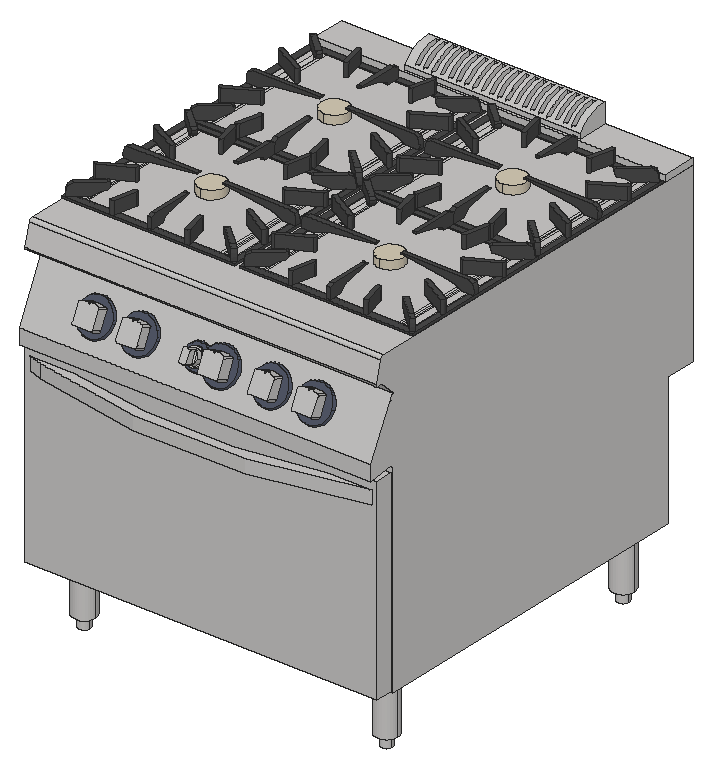
Revit family "QF_ZANUSSI_392006_Z9GCGH4SGM", category Specialty Equipment, Revit 2018 (continued)
Automatic sketch dimensions
  Blend 11 sketch curve to plane 21 = 79.075 mm  (x2)
  Extrusion 12 sketch curve to plane 21 = 56.075 mm
  Extrusion 12 sketch curve to Extrusion 12 sketch curve = 2.997 mm  (x3)
  Extrusion 12 sketch curve to Extrusion 12 sketch curve = 20.003 mm  (x2)
  Extrusion 12 sketch curve to Extrusion 12 sketch curve = 40.005 mm
  Extrusion 12 sketch curve to Extrusion 12 sketch curve = 5.399 mm
  Extrusion 12 sketch curve to Extrusion 12 sketch curve = 40.037 mm
  Extrusion 12 sketch curve to Extrusion 12 sketch curve = 0 mm  (x2)
  Extrusion 14 sketch curve to plane 21 = 61.575 mm
  Extrusion 14 sketch curve to Extrusion 14 sketch curve = 35 mm  (x2)
  Split face 2 sketch curve to Split face 2 sketch curve = 6 mm
  Split face 2 sketch curve to Split face 2 sketch curve = 10 mm
  Split face 3 sketch curve to Split face 3 sketch curve = 5 mm
  Split face 3 sketch curve to Split face 3 sketch curve = 9 mm
  Split face 6 sketch curve to Split face 6 sketch curve = 5 mm
  Split face 7 sketch curve to Split face 7 sketch curve = 5 mm
  Blend 15 sketch curve to plane 7 "Center Y" = 150.05 mm  (x2)
  Extrusion 16 sketch curve to plane 21 = 156.075 mm
  Extrusion 16 sketch curve to Extrusion 16 sketch curve = 2.997 mm  (x3)
  Extrusion 16 sketch curve to Extrusion 16 sketch curve = 20.003 mm  (x2)
  Extrusion 16 sketch curve to Extrusion 16 sketch curve = 40.005 mm
  Extrusion 16 sketch curve to Extrusion 16 sketch curve = 5.399 mm
  Extrusion 16 sketch curve to Extrusion 16 sketch curve = 40.037 mm
  Extrusion 16 sketch curve to Extrusion 16 sketch curve = 0 mm  (x2)
  Extrusion 17 sketch curve to plane 21 = 161.575 mm
  Extrusion 17 sketch curve to Extrusion 17 sketch curve = 35 mm  (x2)
  Split face 9 sketch curve to Split face 9 sketch curve = 6 mm
  Split face 9 sketch curve to Split face 9 sketch curve = 10 mm
  Split face 10 sketch curve to Split face 10 sketch curve = 5 mm
  Split face 10 sketch curve to Split face 10 sketch curve = 9 mm
  Split face 11 sketch curve to Split face 11 sketch curve = 5 mm
  Split face 12 sketch curve to Split face 12 sketch curve = 5 mm
  plane 5 "FRONT" to Extrusion 10 sketch curve = 0 mm  (x2)
  plane 1 "BACK" to Extrusion 10 sketch curve = 0 mm
  Extrusion 10 sketch curve to plane 3 "LEFT" = 0 mm
  Extrusion 10 sketch curve to plane 4 "RIGHT" = 0 mm
  Extrusion 10 sketch curve to plane 3 "LEFT" = 100.013 mm
  Extrusion 10 sketch curve to Extrusion 10 sketch curve = 100.013 mm
  Extrusion 10 sketch curve to plane 1 "BACK" = 100.013 mm
  plane 5 "FRONT" to curve 1 = 0 mm
  curve 169 to plane 3 "LEFT" = 0 mm
  curve 97 to plane 20 = 0 mm
  plane 5 "FRONT" to curve 186 = 0 mm
  plane 5 "FRONT" to curve 187 = 0 mm
  plane 5 "FRONT" to curve 188 = 0 mm
  plane 5 "FRONT" to curve 189 = 0 mm
  plane 5 "FRONT" to curve 190 = 0 mm
  plane 5 "FRONT" to curve 191 = 0 mm
  plane 5 "FRONT" to curve 192 = 0 mm
  plane 17 to curve 10 = 0 mm
  curve 5 to plane 4 "RIGHT" = 0 mm
  curve 2 to plane 3 "LEFT" = 100.013 mm
  plane 5 "FRONT" to curve 94 = 9.347 mm
  curve 94 to plane 21 = 56.075 mm
  curve 95 to curve 95 = 0.809 mm
  curve 98 to curve 98 = 1.583 mm
  curve 95 to curve 96 = 1.846 mm
  curve 95 to curve 109 = 2.189 mm
  curve 94 to curve 97 = 11.892 mm
  curve 100 to plane 20 = 5.671 mm
  curve 98 to curve 100 = 20.417 mm
  curve 99 to plane 21 = 78.206 mm
  curve 99 to curve 108 = 1.738 mm
  curve 100 to curve 101 = 2 mm
  curve 97 to curve 106 = 22.215 mm
  curve 101 to curve 109 = 19.003 mm
  curve 109 to curve 105 = 0.343 mm
  curve 105 to curve 107 = 1.071 mm
  curve 109 to curve 104 = 2.189 mm
  curve 104 to curve 103 = 0.809 mm
  plane 11 to curve 12 = 11.113 mm
  curve 12 to plane 21 = 129.075 mm
  plane 1 "BACK" to curve 93 = 6.761 mm
  curve 11 to curve 93 = 20.698 mm
  plane 5 "FRONT" to curve 110 = 9.347 mm
  curve 103 to curve 110 = 54 mm
  curve 111 to curve 111 = 0.809 mm
  curve 114 to curve 114 = 1.583 mm
  curve 111 to curve 112 = 1.846 mm
  curve 91 to curve 91 = 9.296 mm
  curve 111 to curve 125 = 2.189 mm
  curve 110 to curve 113 = 11.892 mm
  curve 90 to curve 89 = 9.397 mm
  curve 87 to curve 87 = 9.296 mm
  curve 117 to plane 20 = 5.671 mm
  curve 114 to curve 117 = 20.417 mm
  curve 112 to curve 115 = 19.134 mm
  curve 115 to curve 124 = 1.738 mm
  curve 116 to curve 117 = 2 mm
  curve 86 to curve 85 = 9.397 mm
  curve 113 to curve 122 = 22.215 mm
  curve 84 to curve 85 = 9.296 mm
  curve 117 to curve 125 = 19.003 mm
  curve 125 to curve 121 = 0.343 mm
  curve 121 to curve 123 = 1.071 mm
  curve 125 to curve 120 = 2.189 mm
  curve 120 to curve 119 = 0.809 mm
  curve 82 to curve 79 = 9.397 mm
  curve 80 to curve 78 = 9.296 mm
  curve 78 to curve 75 = 9.397 mm
  curve 76 to curve 74 = 9.296 mm
  curve 74 to curve 71 = 9.397 mm
  curve 72 to curve 70 = 9.296 mm
  curve 70 to curve 68 = 9.397 mm
  curve 67 to curve 67 = 9.296 mm
  curve 66 to curve 63 = 9.397 mm
  curve 63 to curve 63 = 9.296 mm
  curve 62 to curve 59 = 9.397 mm
  curve 167 to plane 20 = 1.14 mm
  curve 167 to plane 7 "Center Y" = 29.723 mm
  curve 60 to curve 61 = 9.296 mm
  curve 58 to curve 56 = 9.397 mm
  curve 168 to plane 20 = 1.14 mm
  curve 168 to plane 7 "Center Y" = 10.379 mm
  curve 57 to plane 7 "Center Y" = 1.823 mm
  plane 7 "Center Y" to curve 52 = 7.574 mm
  plane 7 "Center Y" to curve 126 = 11.95 mm
  curve 126 to curve 127 = 0.809 mm
  curve 130 to curve 130 = 1.583 mm
  curve 127 to curve 128 = 1.846 mm
  curve 127 to curve 141 = 2.189 mm
  curve 52 to curve 53 = 9.296 mm
  plane 7 "Center Y" to curve 129 = 23.842 mm
  curve 50 to curve 47 = 9.397 mm
  curve 133 to plane 20 = 5.671 mm
  curve 130 to curve 133 = 20.417 mm
  plane 7 "Center Y" to curve 131 = 34.081 mm
  curve 47 to curve 46 = 9.296 mm
  curve 131 to curve 140 = 1.738 mm
  curve 132 to curve 133 = 2 mm
  curve 46 to curve 45 = 9.397 mm
  curve 129 to curve 138 = 22.215 mm
  curve 43 to curve 42 = 9.296 mm
  curve 133 to curve 141 = 19.003 mm
  curve 137 to curve 137 = 0.343 mm
  curve 137 to curve 139 = 1.071 mm
  curve 141 to curve 136 = 2.189 mm
  curve 136 to curve 135 = 0.809 mm
  curve 42 to curve 41 = 9.397 mm
  curve 40 to curve 38 = 9.296 mm
  curve 38 to curve 36 = 9.397 mm
  curve 35 to curve 34 = 9.296 mm
  curve 34 to curve 33 = 9.397 mm
  curve 32 to curve 30 = 9.296 mm
  curve 30 to curve 28 = 9.397 mm
  plane 5 "FRONT" to curve 170 = 9.347 mm
  curve 135 to curve 170 = 69.1 mm
  curve 170 to curve 171 = 0.809 mm
  curve 174 to curve 174 = 1.583 mm
  curve 27 to curve 27 = 9.296 mm
  curve 171 to curve 172 = 1.846 mm
  curve 171 to curve 185 = 2.189 mm
  curve 26 to curve 24 = 9.397 mm
  curve 170 to curve 173 = 11.892 mm
  curve 23 to curve 23 = 9.296 mm
  curve 176 to plane 20 = 5.671 mm
  curve 174 to curve 176 = 20.417 mm
  curve 172 to curve 175 = 19.134 mm
  curve 175 to curve 184 = 1.738 mm
  curve 176 to curve 177 = 2 mm
  curve 22 to curve 19 = 9.397 mm
  curve 173 to curve 182 = 22.215 mm
  curve 20 to curve 21 = 9.296 mm
  curve 177 to curve 185 = 19.003 mm
  curve 185 to curve 181 = 0.343 mm
  curve 181 to curve 183 = 1.071 mm
  curve 185 to curve 180 = 2.189 mm
  curve 180 to curve 179 = 0.809 mm
  curve 18 to curve 16 = 9.397 mm
  curve 16 to curve 14 = 9.296 mm
  curve 14 to curve 12 = 14.847 mm
  plane 5 "FRONT" to curve 142 = 9.347 mm
  curve 179 to curve 142 = 53.897 mm
  curve 142 to curve 143 = 0.809 mm
  curve 146 to curve 146 = 1.583 mm
  curve 143 to curve 144 = 1.846 mm
  curve 143 to curve 157 = 2.189 mm
  curve 142 to curve 145 = 11.892 mm
  curve 148 to plane 20 = 5.671 mm
  curve 146 to curve 148 = 20.417 mm
  curve 157 to curve 147 = 19.134 mm
  curve 147 to curve 156 = 1.738 mm
  curve 148 to curve 150 = 2 mm
  curve 145 to curve 154 = 22.215 mm
  curve 149 to curve 157 = 19.003 mm
  curve 153 to curve 153 = 0.343 mm
  curve 153 to curve 155 = 1.071 mm
  curve 157 to curve 152 = 2.189 mm
  curve 152 to curve 151 = 0.809 mm
  plane 4 "RIGHT" to curve 10 = 0.1 mm
  curve 2 to plane 4 "RIGHT" = 100.013 mm
  curve 156 to curve 143 = 88.173 mm
  curve 147 to curve 156 = 0 mm
  curve 124 to curve 111 = 88.173 mm
  plane 5 "FRONT" to curve 140 = 97.519 mm
  curve 131 to curve 140 = 0 mm
  curve 115 to curve 124 = 0 mm
  curve 99 to curve 95 = 88.173 mm
  curve 184 to curve 171 = 88.173 mm
  curve 99 to curve 108 = 0 mm
  curve 175 to curve 184 = 0 mm
  plane 5 "FRONT" to curve 109 = 10.68 mm
  plane 5 "FRONT" to curve 141 = 10.68 mm
  curve 125 to curve 111 = 1.333 mm
  plane 5 "FRONT" to curve 185 = 10.68 mm
  plane 5 "FRONT" to curve 157 = 10.68 mm
  curve 157 to curve 151 = 1.333 mm
  curve 125 to curve 119 = 1.333 mm
  curve 185 to curve 179 = 1.333 mm
  curve 141 to curve 136 = 1.333 mm
  curve 141 to curve 127 = 1.333 mm
  curve 109 to curve 104 = 1.333 mm
  curve 127 to curve 128 = 2.779 mm
  curve 136 to curve 137 = 2.779 mm
  curve 143 to curve 144 = 2.779 mm
  curve 152 to curve 153 = 2.779 mm
  curve 171 to curve 172 = 2.779 mm
  curve 111 to curve 112 = 2.779 mm
  curve 180 to curve 181 = 2.779 mm
  curve 95 to curve 96 = 2.779 mm
  curve 104 to curve 105 = 2.779 mm
  curve 120 to curve 121 = 2.779 mm
  curve 123 to plane 20 = 7.106 mm
  curve 130 to plane 20 = 7.106 mm
  curve 183 to plane 20 = 7.106 mm
  curve 139 to plane 20 = 7.106 mm
  curve 114 to plane 20 = 7.106 mm
  curve 98 to plane 20 = 7.106 mm
  curve 107 to plane 20 = 7.106 mm
  curve 146 to plane 20 = 7.106 mm
  curve 155 to plane 20 = 7.106 mm
  curve 174 to plane 20 = 7.106 mm
  plane 20 to curve 145 = 36.239 mm
  plane 20 to curve 122 = 36.239 mm
  plane 20 to curve 106 = 36.239 mm
  curve 145 to curve 154 = 0 mm
  curve 113 to curve 122 = 0 mm
  plane 20 to curve 182 = 36.239 mm
  curve 97 to curve 106 = 0 mm
  plane 20 to curve 129 = 36.239 mm
  curve 173 to curve 182 = 0 mm
  curve 129 to curve 138 = 0 mm
  plane 11 to curve 70 = 17.052 mm
  plane 11 to curve 55 = 17.052 mm
  plane 11 to curve 82 = 17.052 mm
  plane 11 to curve 43 = 17.052 mm
  curve 58 to curve 55 = 0 mm
  curve 82 to curve 80 = 0 mm
  curve 42 to curve 40 = 0 mm
  curve 12 to curve 14 = 5.939 mm
  curve 62 to curve 59 = 0 mm
  plane 11 to curve 92 = 17.052 mm
  curve 38 to curve 36 = 0 mm
  curve 18 to curve 15 = 0 mm
  curve 78 to curve 76 = 0 mm
  curve 46 to curve 43 = 0 mm
  curve 54 to curve 52 = 0 mm
  curve 34 to curve 32 = 0 mm
  curve 66 to curve 63 = 0 mm
  curve 22 to curve 19 = 0 mm
  curve 90 to curve 88 = 0 mm
  curve 30 to curve 28 = 0 mm
  plane 1 "BACK" to curve 70 = 6.761 mm
  plane 1 "BACK" to curve 26 = 6.761 mm
  plane 1 "BACK" to curve 69 = 6.761 mm
  plane 1 "BACK" to curve 49 = 6.761 mm
  plane 1 "BACK" to curve 86 = 6.761 mm
  plane 1 "BACK" to curve 25 = 6.761 mm
  plane 1 "BACK" to curve 30 = 6.761 mm
  plane 1 "BACK" to curve 50 = 6.761 mm
  plane 1 "BACK" to curve 65 = 6.761 mm
  plane 1 "BACK" to curve 74 = 6.761 mm
  plane 1 "BACK" to curve 21 = 6.761 mm
  plane 1 "BACK" to curve 45 = 6.761 mm
  plane 1 "BACK" to curve 17 = 6.761 mm
  plane 1 "BACK" to curve 78 = 6.761 mm
  plane 1 "BACK" to curve 85 = 6.761 mm
  plane 1 "BACK" to curve 36 = 6.761 mm
  plane 1 "BACK" to curve 61 = 6.761 mm
  plane 1 "BACK" to curve 38 = 6.761 mm
  plane 1 "BACK" to curve 57 = 6.761 mm
  curve 1 to plane 1 "BACK" = 100.013 mm
  curve 97 to curve 94 = 9.809 mm
  curve 99 to curve 98 = 0.284 mm
  curve 107 to curve 107 = 0.284 mm
  curve 103 to curve 106 = 9.809 mm
  curve 113 to curve 110 = 9.809 mm
  curve 114 to curve 114 = 0.284 mm
  curve 123 to curve 124 = 0.284 mm
  curve 119 to curve 122 = 9.809 mm
  curve 167 to curve 167 = 1.229 mm
  curve 167 to curve 188 = 1.675 mm
  curve 167 to plane 20 = 1.224 mm
  curve 189 to plane 7 "Center Y" = 12.097 mm
  curve 168 to curve 168 = 1.675 mm
  curve 168 to curve 168 = 0.445 mm
  plane 7 "Center Y" to curve 129 = 2.141 mm
  curve 131 to curve 130 = 0.284 mm
  curve 139 to curve 139 = 0.284 mm
  curve 135 to curve 138 = 9.809 mm
  curve 173 to curve 170 = 9.809 mm
  curve 175 to curve 174 = 0.284 mm
  curve 183 to curve 183 = 0.284 mm
  curve 179 to curve 182 = 9.809 mm
  curve 145 to curve 142 = 9.809 mm
  curve 147 to curve 146 = 0.284 mm
  curve 155 to curve 155 = 0.284 mm
  curve 151 to curve 154 = 9.809 mm
  curve 3 to plane 5 "FRONT" = 0.396 mm
  curve 10 to plane 5 "FRONT" = 1.275 mm
  curve 107 to curve 107 = 0.567 mm
  curve 183 to curve 183 = 0.567 mm
  curve 174 to curve 174 = 0.567 mm
  curve 98 to curve 98 = 0.567 mm
  curve 114 to curve 114 = 0.567 mm
  curve 139 to curve 139 = 0.567 mm
  curve 123 to curve 123 = 0.567 mm
  curve 155 to curve 155 = 0.567 mm
  curve 146 to curve 146 = 0.567 mm
  curve 130 to curve 130 = 0.567 mm
  plane 11 to curve 7 = 4.762 mm
  curve 13 to curve 12 = 3.676 mm
  Extrusion 33 sketch curve to plane 20 = 0 mm
  Extrusion 33 sketch curve to plane 17 = 0.028 mm
  plane 9 to Extrusion 33 sketch curve = 6.461 mm
  plane 20 to Extrusion 33 sketch curve = 36.025 mm
  plane 9 to Extrusion 33 sketch curve = 5 mm
  Extrusion 34 sketch curve to Extrusion 34 sketch curve = 0 mm  (x6)
  Extrusion 34 sketch curve to plane 20 = 0 mm  (x2)
  plane 4 "RIGHT" to Extrusion 34 sketch curve = 10.1 mm
  Extrusion 34 sketch curve to plane 19 = 47.705 mm
  Extrusion 34 sketch curve to plane 7 "Center Y" = 0.05 mm
  Extrusion 34 sketch curve to plane 1 "BACK" = 337.5 mm
  Extrusion 34 sketch curve to plane 5 "FRONT" = 4.65 mm
  curve 193 to plane 1 "BACK" = 337.5 mm
  curve 193 to plane 13 = 5.252 mm
  curve 193 to curve 194 = 0 mm  (x2)
  curve 194 to plane 7 "Center Y" = 0.05 mm
  curve 111 to curve 194 = 1.161 mm
  curve 112 to curve 195 = 16.272 mm
  curve 179 to curve 196 = 1.175 mm
  Extrusion 1 sketch curve to plane 5 "FRONT" = 0 mm
  Extrusion 1 sketch curve to plane 20 = 0 mm
  Extrusion 1 sketch curve to plane 1 "BACK" = 0 mm
  plane 20 to Extrusion 1 sketch curve = 0.116 mm
  plane 20 to Extrusion 1 sketch curve = 3 mm
  plane 20 to Extrusion 1 sketch curve = 13.167 mm
  Extrusion 1 sketch curve to Extrusion 1 sketch curve = 10.198 mm
  Extrusion 1 sketch curve to plane 12 = 0.775 mm
  Extrusion 1 sketch curve to Extrusion 1 sketch curve = 7.474 mm
  plane 20 to Extrusion 1 sketch curve = 40 mm
  Extrusion 1 sketch curve to Extrusion 1 sketch curve = 1.355 mm
  Extrusion 1 sketch curve to Extrusion 1 sketch curve = 0.445 mm
  Extrusion 1 sketch curve to Extrusion 1 sketch curve = 5 mm
  Extrusion 1 sketch curve to Extrusion 1 sketch curve = 31.82 mm  (x2)
  plane 9 to Extrusion 1 sketch curve = 5 mm
  Extrusion 1 sketch curve to Extrusion 1 sketch curve = 242.526 mm
  Extrusion 1 sketch curve to Extrusion 1 sketch curve = 5.508 mm
  Extrusion 1 sketch curve to Extrusion 1 sketch curve = 10.259 mm
  Extrusion 1 sketch curve to Extrusion 1 sketch curve = 35 mm
  Extrusion 1 sketch curve to Extrusion 1 sketch curve = 81.162 mm
  Extrusion 1 sketch curve to Extrusion 1 sketch curve = 3 mm
  plane 11 to Extrusion 1 sketch curve = 9.963 mm
  plane 9 to Extrusion 1 sketch curve = 300 mm
  Extrusion 1 sketch curve to plane 9 = 0 mm
  curve 193 to curve 195 = 0 mm  (x2)
  curve 193 to curve 196 = 0 mm  (x2)
  radius of Blend 19 sketch curve = 42.5 mm
  radius of Blend 19 sketch curve = 40.5 mm
  radius of Split face 17 sketch curve = 3 mm
  radius of Split face 20 sketch curve = 1.5 mm
  radius of Split face 21 sketch curve = 3.497 mm
  radius of Split face 24 sketch curve = 2.029 mm
  radius of Blend 23 sketch curve = 42.5 mm
  radius of Blend 23 sketch curve = 40.5 mm
  radius of Split face 29 sketch curve = 2.029 mm
  radius of Split face 30 sketch curve = 3 mm
  radius of Split face 31 sketch curve = 1.5 mm
  radius of Split face 32 sketch curve = 3.497 mm
  radius of Extrusion 28 sketch curve = 20 mm
  radius of Split face 33 sketch curve = 1 mm
  radius of Split face 34 sketch curve = 1 mm
  radius of Split face 35 sketch curve = 1 mm
  radius of Split face 36 sketch curve = 1 mm
  radius of Split face 37 sketch curve = 1 mm
  radius of Split face 38 sketch curve = 1 mm
  radius of Split face 39 sketch curve = 1 mm
  radius of Split face 40 sketch curve = 1 mm
  radius of Split face 41 sketch curve = 1 mm
  radius of Split face 42 sketch curve = 1 mm
  radius of Split face 43 sketch curve = 1 mm
  radius of Split face 44 sketch curve = 1 mm
  radius of Split face 45 sketch curve = 1 mm
  radius of Split face 46 sketch curve = 1 mm
  radius of Split face 47 sketch curve = 1 mm
  radius of Split face 48 sketch curve = 1 mm
  radius of Split face 49 sketch curve = 1 mm
  radius of Split face 50 sketch curve = 1 mm
  radius of Split face 51 sketch curve = 1 mm
  radius of Split face 52 sketch curve = 1 mm
  radius of Split face 53 sketch curve = 1 mm
  radius of Split face 54 sketch curve = 1 mm
  radius of Split face 55 sketch curve = 1 mm
  radius of Split face 56 sketch curve = 1 mm
  radius of Split face 57 sketch curve = 1.508 mm
  radius of Split face 58 sketch curve = 1.343 mm
  radius of Extrusion 31 sketch curve = 16 mm
  radius of Blend 11 sketch curve = 42.5 mm
  radius of Blend 11 sketch curve = 40.5 mm
  radius of Split face 1 sketch curve = 3 mm
  radius of Split face 4 sketch curve = 1.5 mm
  radius of Split face 5 sketch curve = 3.497 mm
  radius of Split face 8 sketch curve = 2.029 mm
  radius of Blend 15 sketch curve = 42.5 mm
  radius of Blend 15 sketch curve = 40.5 mm
  radius of Split face 13 sketch curve = 2.029 mm
  radius of Split face 14 sketch curve = 3 mm
  radius of Split face 15 sketch curve = 1.5 mm
  radius of Split face 16 sketch curve = 3.497 mm
  radius of Extrusion 9 sketch curve = 6.4 mm  (x2)
Nested families
  nested 1: "QF_392006_BURNER" at (393.7, -440.481, 0) x (-1, 0, 0) z (0, 0, 1), type "QF_392006_BURNER"
    with Type Mark "", Status "", Specification by User "", Revision Code "", Item Number "", Installed By "", Identify Quantity as Lot yes, Furnished By "", Foodservice Equipment Identifier yes
  nested 2: "QF_392006_BURNER" at (393.7, -440.481, 0) x (-1, 0, 0) z (0, 0, 1), type "QF_392006_BURNER"
    with Type Mark "", Status "", Specification by User "", Revision Code "", Item Number "", Installed By "", Identify Quantity as Lot yes, Furnished By "", Foodservice Equipment Identifier yes
  nested 3: "QF_392006_BURNER" at (406.4, -440.481, 0), type "QF_392006_BURNER"
    with Type Mark "", Status "", Specification by User "", Revision Code "", Item Number "", Installed By "", Identify Quantity as Lot yes, Furnished By "", Foodservice Equipment Identifier yes
  nested 4: "QF_392006_BURNER" at (406.4, -440.481, 0), type "QF_392006_BURNER"
    with Type Mark "", Status "", Specification by User "", Revision Code "", Item Number "", Installed By "", Identify Quantity as Lot yes, Furnished By "", Foodservice Equipment Identifier yes
Connectors
  piping at (749.3, -665.163, 128.587), diameter 12.8
    settings: on Extrusion 9, index 1, connector inside diameter 0.50394", connector length 0 mm, flow factor 0, pipe flow 0 GPM, pressure drop 0.00 psi, fitting loss kfactor 0, connector angle 0.00°, fixture units 0, engagement length 0 mm, angle of deflection 0.00°, flow configuration 1, flow direction 1, fitting loss method 0, system type 7, joint type 0, gender type 0, connector reference index -1, connector utility 0, adjustable connector no, is connector primary yes, connector description "GAS CONNECTION"
Definition of nested family "QF_392006_BURNER"
  Parameters
    Weight in Pounds = 0
    URL Cutsheet = ""
    URL = "www.electrolux.com"
    Type Mark [instance] = ""
    Status [instance] = ""
    Specification by User [instance] = ""
    Specification by Manufacturer = ""
    Show Clearance [instance] = yes
    Serial Number = ""
    Seismic Rating = ""
    SMACNA No = ""
    Revision Code [instance] = ""
    Omniclass Number and Title = ""
    NAFEM Spec ID Number = ""
    Model = "371009"
    Masterspec = ""
    Manufacturer = "ELECTROLUX"
    Item Number [instance] = ""
    Installed By [instance] = ""
    Identify Quantity as Lot [instance] = yes
    Furnished By [instance] = ""
    Foodservice Equipment Identifier [instance] = yes
    Description = ""
    CSI MasterFormat = ""
    CSI Master Format = ""
  Reference planes
    plane 1 "BACK": y = 0
    plane 2: z = 0
    plane 3 "LEFT": x = 0
    plane 4 "RIGHT": x = 393.7
    plane 5 "FRONT": y = -355.6
    plane 6 "TOP": z = 908.85
    plane 7 "Center Y": x = 196.85
    plane 8 "Center X": y = -177.8
    plane 9 "Base": z = 150
    plane 10: z = 850.85
  Forms (mm)
    Extrusion 1, solid
      sketch origin (-6.433, -404.961, 5) x (1, 0, 0) y (0, 0, -1)
        loop
          arc (7.142, -850.85) -> (6.739, -862.989) -> (9.761, -874.752) r 42.809
          line (9.761, -874.752) -> (19.961, -879.425) -> (173.122, -879.425)
          arc (173.122, -879.425) -> (174.316, -878.312) -> (173.289, -877.043) r 1.197
          line (173.289, -877.043) -> (64.848, -864.021)
          arc (64.848, -864.021) -> (50.111, -858.738) -> (36.589, -850.85) r 85.245
          line (36.589, -850.85) -> (7.142, -850.85)
        loop
          line (399.424, -850.85) -> (369.977, -850.85)
          arc (369.977, -850.85) -> (356.455, -858.738) -> (341.718, -864.021) r 85.245
          line (341.718, -864.021) -> (233.277, -877.043)
          arc (233.277, -877.043) -> (232.25, -878.312) -> (233.444, -879.425) r 1.197
          line (233.444, -879.425) -> (386.605, -879.425) -> (396.806, -874.752)
          arc (396.806, -874.752) -> (399.827, -862.989) -> (399.424, -850.85) r 42.809
      from 224.564 to 234.564
    Extrusion 2, solid
      sketch origin (196.85, 175.397, 1219.2) x (0, 1, 0) y (0, 0, 1)
        loop
          line (-204.463, -363.35) -> (-175.397, -363.35) -> (-175.397, -339.506)
          arc (-175.397, -339.506) -> (-181.025, -338.266) -> (-185.611, -334.775) r 13.39
          line (-185.611, -334.775) -> (-278.903, -334.775)
          arc (-278.903, -334.775) -> (-280.097, -335.888) -> (-279.07, -337.157) r 1.197
          line (-279.07, -337.157) -> (-227.151, -347.464)
          arc (-227.151, -347.464) -> (-213.741, -352.457) -> (-204.463, -363.35) r 28.426
        loop
          arc (-496.332, -363.35) -> (-487.053, -352.457) -> (-473.644, -347.464) r 28.426
          line (-473.644, -347.464) -> (-421.725, -337.157)
          arc (-421.725, -337.157) -> (-420.697, -335.888) -> (-421.891, -334.775) r 1.197
          line (-421.891, -334.775) -> (-515.184, -334.775)
          arc (-515.184, -334.775) -> (-519.769, -338.266) -> (-525.397, -339.506) r 13.39
          line (-525.397, -339.506) -> (-525.397, -363.35) -> (-496.332, -363.35)
      from -5 to 5
    Extrusion 3, solid
      sketch origin (-6.433, 367.064, 850.85) x (0, -1, 0) y (1, 0, 0)
        loop
          line (722.664, 6.433) -> (722.664, 400.133) -> (367.064, 400.133) -> (367.064, 6.433) -> (722.664, 6.433)
        loop
          line (382.064, 21.433) -> (707.664, 21.433) -> (707.664, 385.133) -> (382.064, 385.133) -> (382.064, 21.433)
      from 0 to 5
    Extrusion 4, solid
      sketch origin (-18.933, 367.064, 855.85) x (0, -1, 0) y (1, 0, 0)
        loop
          circle (541.667, 215.783) r 30
      from -1.321 to 17.134
    Extrusion 5, solid
      sketch origin (-6.433, -367.064, 0) x (1, 0, 0) y (0, 0, -1)
        loop
          line (21.433, -855.85) -> (36.589, -855.85)
          arc (36.589, -855.85) -> (40.561, -855.243) -> (44.305, -853.783) r 18.259
          arc (44.305, -853.783) -> (45.997, -853.366) -> (47.69, -853.783) r 3.649
          arc (47.69, -853.783) -> (49.901, -854.522) -> (52.232, -854.529) r 7.328
          line (52.232, -854.529) -> (354.334, -854.529)
          arc (354.334, -854.529) -> (356.666, -854.522) -> (358.877, -853.783) r 7.328
          arc (358.877, -853.783) -> (360.569, -853.366) -> (362.261, -853.783) r 3.649
          arc (362.261, -853.783) -> (366.005, -855.243) -> (369.977, -855.85) r 18.259
          line (369.977, -855.85) -> (385.133, -855.85) -> (385.133, -850.85) -> (21.433, -850.85) -> (21.433, -855.85)
      from 26.464 to 352.064
    Extrusion 6, solid
      sketch origin (83.284, -458.334, 5) x (0.742103, 0.670286, 0) y (0, 0, -1)
        loop
          arc (88.629, -864.012) -> (73.909, -858.731) -> (60.402, -850.85) r 85.245
          line (60.402, -850.85) -> (14.993, -850.85)
          arc (14.993, -850.85) -> (14.642, -862.948) -> (17.686, -874.663) r 42.876
          line (17.686, -874.663) -> (27.899, -879.425) -> (89.664, -879.425)
          arc (89.664, -879.425) -> (92.39, -878.352) -> (93.654, -875.709) r 4
          arc (93.654, -875.709) -> (92.562, -869.25) -> (88.629, -864.012) r 13.87
        loop
          arc (457.638, -864.012) -> (453.704, -869.25) -> (452.613, -875.709) r 13.87
          arc (452.613, -875.709) -> (453.876, -878.352) -> (456.603, -879.425) r 4
          line (456.603, -879.425) -> (518.367, -879.425) -> (528.581, -874.663)
          arc (528.581, -874.663) -> (531.624, -862.948) -> (531.273, -850.85) r 42.876
          line (531.273, -850.85) -> (485.865, -850.85)
          arc (485.865, -850.85) -> (472.357, -858.731) -> (457.638, -864.012) r 85.245
      from 127.064 to 137.064
    Extrusion 7, solid
      sketch origin (310.416, -458.334, 5) x (-0.742103, 0.670286, 0) y (0, 0, 1)
        loop
          arc (88.629, 864.012) -> (92.562, 869.25) -> (93.654, 875.709) r 13.87
          arc (93.654, 875.709) -> (92.39, 878.352) -> (89.664, 879.425) r 4
          line (89.664, 879.425) -> (27.899, 879.425) -> (17.686, 874.663)
          arc (17.686, 874.663) -> (14.642, 862.948) -> (14.993, 850.85) r 42.876
          line (14.993, 850.85) -> (60.402, 850.85)
          arc (60.402, 850.85) -> (73.909, 858.731) -> (88.629, 864.012) r 85.245
        loop
          arc (457.638, 864.012) -> (472.357, 858.731) -> (485.865, 850.85) r 85.245
          line (485.865, 850.85) -> (531.273, 850.85)
          arc (531.273, 850.85) -> (531.624, 862.948) -> (528.581, 874.663) r 42.876
          line (528.581, 874.663) -> (518.367, 879.425) -> (456.603, 879.425)
          arc (456.603, 879.425) -> (453.876, 878.352) -> (452.613, 875.709) r 4
          arc (452.613, 875.709) -> (453.704, 869.25) -> (457.638, 864.012) r 13.87
      from 127.064 to 137.064
    Extrusion 8, solid
      sketch origin (-6.433, 367.064, 855.85) x (0, -1, 0) y (1, 0, 0)
        loop
          arc (626.166, 9.428) -> (632.956, 7.454) -> (634.93, 14.244) r 5
          line (634.93, 14.244) -> (600.514, 76.878)
          arc (600.514, 76.878) -> (593.724, 78.852) -> (591.75, 72.062) r 5
          line (591.75, 72.062) -> (626.166, 9.428)
        loop
          line (463.562, 9.428) -> (497.977, 72.062)
          arc (497.977, 72.062) -> (496.003, 78.852) -> (489.213, 76.878) r 5
          line (489.213, 76.878) -> (454.798, 14.244)
          arc (454.798, 14.244) -> (456.772, 7.454) -> (463.562, 9.428) r 5
        loop
          line (626.166, 397.138) -> (591.75, 334.504)
          arc (591.75, 334.504) -> (593.724, 327.714) -> (600.514, 329.689) r 5
          line (600.514, 329.689) -> (634.93, 392.323)
          arc (634.93, 392.323) -> (632.956, 399.113) -> (626.166, 397.138) r 5
        loop
          arc (463.562, 397.138) -> (456.772, 399.113) -> (454.798, 392.323) r 5
          line (454.798, 392.323) -> (489.213, 329.689)
          arc (489.213, 329.689) -> (496.003, 327.714) -> (497.977, 334.504) r 5
          line (497.977, 334.504) -> (463.562, 397.138)
        loop
          line (715.14, 293.499) -> (666.703, 282.317)
          arc (666.703, 282.317) -> (662.956, 276.32) -> (668.953, 272.573) r 5
          line (668.953, 272.573) -> (717.389, 283.756)
          arc (717.389, 283.756) -> (721.136, 289.752) -> (715.14, 293.499) r 5
        loop
          arc (715.14, 113.067) -> (721.136, 116.814) -> (717.389, 122.811) r 5
          line (717.389, 122.811) -> (668.953, 133.993)
          arc (668.953, 133.993) -> (662.956, 130.246) -> (666.703, 124.249) r 5
          line (666.703, 124.249) -> (715.14, 113.067)
        loop
          arc (374.588, 293.499) -> (368.591, 289.752) -> (372.338, 283.756) r 5
          line (372.338, 283.756) -> (420.775, 272.573)
          arc (420.775, 272.573) -> (426.771, 276.32) -> (423.024, 282.317) r 5
          line (423.024, 282.317) -> (374.588, 293.499)
        loop
          line (374.588, 113.067) -> (423.024, 124.249)
          arc (423.024, 124.249) -> (426.771, 130.246) -> (420.775, 133.993) r 5
          line (420.775, 133.993) -> (372.338, 122.811)
          arc (372.338, 122.811) -> (368.591, 116.814) -> (374.588, 113.067) r 5
      from 0 to 28.575
  Lines and regions (mm)
    symbolic lines
      curve 1: line (0, -355.6, 150) -> (393.7, -355.6, 150)
      curve 2: line (0, 0, 150) -> (0, -355.6, 150)
      curve 3: line (393.7, -355.6, 150) -> (393.7, 0, 150)
      curve 4: line (369.633, -15, 150) -> (285.34, -15, 150)
      curve 5: line (24.067, -340.6, 150) -> (108.36, -340.6, 150)
      curve 6: line (157.475, -170.397, 150) -> (157.475, -15, 150)
      curve 7: line (236.225, -170.397, 150) -> (236.225, -15, 150)
      curve 8: line (201.85, -350, 150) -> (201.85, -176.674, 150)
      curve 9: line (0, -180.397, 150) -> (167.224, -180.397, 150)
      curve 10: line (393.7, -170.397, 150) -> (228.275, -170.397, 150)
      curve 11: line (15, -180.397, 150) -> (15, -252.506, 150)
      curve 12: line (45.799, -340.6, 150) -> (45.799, -320.971, 150)
      curve 13: line (167.224, -170.397, 150) -> (0, -170.397, 150)
      curve 14: line (228.275, -180.504, 150) -> (393.7, -180.504, 150)
      curve 15: arc (228.275, -170.397, 150) -> (223.221, -175.45, 150) -> (228.275, -180.504, 150) r 5.054
      curve 16: arc (167.224, -170.397, 150) -> (172.224, -175.397, 150) -> (167.224, -180.397, 150) r 5
      curve 17: line (191.85, -176.674, 150) -> (191.85, -350, 150)
      curve 18: line (201.85, -134.556, 150) -> (201.85, -0.794, 150)
      curve 19: arc (201.85, -176.674, 150) -> (196.85, -171.674, 150) -> (191.85, -176.674, 150) r 5
      curve 20: arc (201.85, -134.556, 150) -> (196.85, -139.556, 150) -> (191.85, -134.556, 150) r 5
      curve 21: line (191.85, -15, 150) -> (118.623, -15, 150)
      curve 22: arc (201.85, -29.042, 150) -> (213.272, -50.008, 150) -> (201.85, -70.973, 150) r 24.953
      curve 23: arc (213.086, -53.048, 150) -> (214.5, -50.008, 150) -> (213.086, -46.967, 150) r 3.975
      curve 24: arc (191.85, -29.852, 150) -> (181.339, -50.008, 150) -> (191.85, -70.163, 150) r 24.58
      curve 25: arc (181.527, -53.042, 150) -> (179.976, -50.008, 150) -> (181.527, -46.973, 150) r 3.745
      curve 26: line (191.85, -0.794, 150) -> (191.85, -134.556, 150)
      curve 27: line (191.85, -350, 150) -> (201.85, -350, 150)
      curve 28: line (191.85, -11.007, 150) -> (201.85, -11.007, 150)
      curve 29: line (191.85, -0.794, 150) -> (201.85, -0.794, 150)
      curve 30: line (201.85, -340.6, 150) -> (275.077, -340.6, 150)
      curve 31: arc (196.85, -145.397, 0) -> (166.955, -172.888, 0) -> (191.85, -204.977, 0) r 30
      curve 32: arc (201.85, -204.977, 0) -> (226.745, -172.888, 0) -> (196.85, -145.397, 0) r 30
      curve 33: arc (158.678, -180.397, 0) -> (170.734, -200.207, 0) -> (191.85, -209.795, 0) r 39.375
      curve 34: line (163.825, -170.397, 150) -> (163.825, -15, 150)
      curve 35: line (229.875, -170.397, 150) -> (229.875, -15, 150)
      curve 36: line (144.775, -170.397, 150) -> (144.775, -15, 150)
      curve 37: line (248.925, -170.397, 150) -> (248.925, -15, 150)
      curve 38: arc (145.678, -180.397, 0) -> (161.728, -209.187, 0) -> (191.85, -222.573, 0) r 52.075
      curve 39: arc (201.85, -209.795, 0) -> (222.966, -200.207, 0) -> (235.022, -180.397, 0) r 39.375
      curve 40: arc (201.85, -222.573, 0) -> (231.931, -209.224, 0) -> (248.001, -180.504, 0) r 52.075
      curve 41: line (393.7, 0, 0) -> (0, 0, 0)
      curve 42: line (70.445, -122.149, 0) -> (7.81, -87.734, 0)
      curve 43: arc (7.81, -87.734, 0) -> (1.021, -89.708, 0) -> (2.995, -96.498, 0) r 5
      curve 44: line (2.995, -96.498, 0) -> (65.629, -130.914, 0)
      curve 45: arc (65.629, -130.914, 0) -> (72.419, -128.939, 0) -> (70.445, -122.149, 0) r 5
      curve 46: line (65.629, -224.686, 0) -> (2.995, -259.102, 0)
      curve 47: arc (2.995, -259.102, 0) -> (1.021, -265.892, 0) -> (7.81, -267.866, 0) r 5
      curve 48: line (7.81, -267.866, 0) -> (70.445, -233.451, 0)
      curve 49: arc (70.445, -233.451, 0) -> (72.419, -226.661, 0) -> (65.629, -224.686, 0) r 5
      curve 50: line (323.255, -122.149, 0) -> (385.89, -87.734, 0)
      curve 51: arc (385.89, -87.734, 0) -> (392.679, -89.708, 0) -> (390.705, -96.498, 0) r 5
      curve 52: line (390.705, -96.498, 0) -> (328.071, -130.914, 0)
      curve 53: arc (328.071, -130.914, 0) -> (321.281, -128.939, 0) -> (323.255, -122.149, 0) r 5
      curve 54: line (328.071, -224.686, 0) -> (390.705, -259.102, 0)
      curve 55: arc (390.705, -259.102, 0) -> (392.679, -265.892, 0) -> (385.89, -267.866, 0) r 5
      curve 56: line (385.89, -267.866, 0) -> (323.255, -233.451, 0)
      curve 57: arc (323.255, -233.451, 0) -> (321.281, -226.661, 0) -> (328.071, -224.686, 0) r 5
      curve 58: line (118.623, -340.6, 150) -> (191.85, -340.6, 150)
      curve 59: line (285.34, -340.6, 150) -> (369.633, -340.6, 150)
      curve 60: line (378.7, -335.314, 0) -> (378.7, -263.916, 0)
      curve 61: line (1.326, -7.935, 0) -> (58.752, -59.804, 0)
      curve 62: line (65.455, -52.383, 0) -> (8.029, -0.514, 0)
      curve 63: arc (58.752, -59.804, 0) -> (65.814, -59.445, 0) -> (65.455, -52.383, 0) r 5
      curve 64: line (1.326, -7.935, 0) -> (8.029, -0.514, 0)
      curve 65: line (392.374, -7.935, 0) -> (334.948, -59.804, 0)
      curve 66: line (328.245, -52.383, 0) -> (385.671, -0.514, 0)
      curve 67: arc (334.948, -59.804, 0) -> (327.886, -59.445, 0) -> (328.245, -52.383, 0) r 5
      curve 68: line (392.374, -7.935, 0) -> (385.671, -0.514, 0)
      curve 69: line (392.374, -347.665, 0) -> (334.948, -295.796, 0)
      curve 70: line (328.245, -303.217, 0) -> (385.671, -355.086, 0)
      curve 71: arc (334.948, -295.796, 0) -> (327.886, -296.155, 0) -> (328.245, -303.217, 0) r 5
      curve 72: line (392.374, -347.665, 0) -> (385.671, -355.086, 0)
      curve 73: line (1.326, -347.665, 0) -> (58.752, -295.796, 0)
      curve 74: line (65.455, -303.217, 0) -> (8.029, -355.086, 0)
      curve 75: arc (58.752, -295.796, 0) -> (65.814, -296.155, 0) -> (65.455, -303.217, 0) r 5
      curve 76: line (1.326, -347.665, 0) -> (8.029, -355.086, 0)
      curve 77: line (347.901, -15, 0) -> (347.901, -34.629, 0)
      curve 78: line (347.901, -320.971, 0) -> (347.901, -340.6, 0)
      curve 79: line (378.7, -252.506, 0) -> (378.7, -180.397, 0)
      curve 80: line (347.901, -246.993, 0) -> (347.901, -307.496, 0)
      curve 81: line (378.7, -170.397, 0) -> (378.7, -103.094, 0)
      curve 82: line (347.901, -180.397, 0) -> (347.901, -235.582, 0)
      curve 83: line (378.7, -91.684, 0) -> (378.7, -20.286, 0)
      curve 84: line (347.901, -120.018, 0) -> (347.901, -170.397, 0)
      curve 85: line (347.901, -48.104, 0) -> (347.901, -108.607, 0)
      curve 86: line (275.077, -15, 150) -> (201.85, -15, 150)
      curve 87: line (108.36, -15, 150) -> (24.067, -15, 150)
      curve 88: line (45.799, -40, 150) -> (45.799, -15, 150)
      curve 89: line (45.799, -108.607, 150) -> (45.799, -40, 150)
      curve 90: line (15, -20.286, 0) -> (15, -91.684, 0)
      curve 91: line (15, -103.094, 0) -> (15, -170.397, 0)
      curve 92: line (45.799, -170.397, 150) -> (45.799, -120.018, 150)
      curve 93: line (45.799, -235.582, 150) -> (45.799, -180.397, 150)
      curve 94: line (15, -263.916, 150) -> (15, -335.314, 150)
      curve 95: line (45.799, -307.496, 150) -> (45.799, -246.993, 150)
      curve 96: line (116.378, -350.325, 0) -> (127.56, -301.889, 0)
      curve 97: arc (127.56, -301.889, 0) -> (123.813, -295.892, 0) -> (117.816, -299.64, 0) r 5
      curve 98: line (117.816, -299.64, 0) -> (106.634, -348.076, 0)
      curve 99: arc (106.634, -348.076, 0) -> (110.381, -354.072, 0) -> (116.378, -350.325, 0) r 5
      curve 100: line (266.14, -301.889, 0) -> (277.322, -350.325, 0)
      curve 101: arc (277.322, -350.325, 0) -> (283.319, -354.072, 0) -> (287.066, -348.076, 0) r 5
      curve 102: line (287.066, -348.076, 0) -> (275.884, -299.64, 0)
      curve 103: arc (275.884, -299.64, 0) -> (269.887, -295.892, 0) -> (266.14, -301.889, 0) r 5
      curve 104: line (275.884, -55.96, 0) -> (287.066, -7.524, 0)
      curve 105: arc (287.066, -7.524, 0) -> (283.319, -1.528, 0) -> (277.322, -5.275, 0) r 5
      curve 106: line (277.322, -5.275, 0) -> (266.14, -53.711, 0)
      curve 107: arc (266.14, -53.711, 0) -> (269.887, -59.708, 0) -> (275.884, -55.96, 0) r 5
      curve 108: line (127.56, -53.711, 0) -> (116.378, -5.275, 0)
      curve 109: arc (116.378, -5.275, 0) -> (110.381, -1.528, 0) -> (106.634, -7.524, 0) r 5
      curve 110: line (106.634, -7.524, 0) -> (117.816, -55.96, 0)
      curve 111: arc (117.816, -55.96, 0) -> (123.813, -59.708, 0) -> (127.56, -53.711, 0) r 5
  Dimensions and locks
    equal spacing: plane 3 "LEFT", plane 7 "Center Y", plane 4 "RIGHT"
    plane 3 "LEFT" to plane 4 "RIGHT" = 393.7 mm
    equal spacing: plane 5 "FRONT", plane 8 "Center X", plane 1 "BACK"
    plane 5 "FRONT" to plane 1 "BACK" = 355.6 mm
    plane 6 "TOP" to level = 908.85 mm
    plane 9 "Base" to level = 150 mm
    plane 6 "TOP" to plane 10 = 58 mm  (x2)
    locked: Extrusion 4 sketch curve to plane 7 "Center Y" at 0
    aligned and locked: level to plane 2
  Automatic sketch dimensions
    curve 10 to plane 4 "RIGHT" = 0 mm
    curve 20 to plane 7 "Center Y" = 0 mm
    curve 19 to plane 7 "Center Y" = 0 mm
    curve 9 to plane 3 "LEFT" = 0 mm
    plane 1 "BACK" to curve 2 = 0 mm
    plane 1 "BACK" to curve 3 = 0 mm
    plane 5 "FRONT" to curve 2 = 0 mm
    curve 4 to plane 4 "RIGHT" = 24.067 mm
    curve 59 to plane 4 "RIGHT" = 24.067 mm
    plane 1 "BACK" to curve 37 = 15 mm
    plane 7 "Center Y" to curve 37 = 52.075 mm
    curve 37 to curve 7 = 12.7 mm
    curve 7 to curve 35 = 6.35 mm
    plane 8 "Center X" to curve 15 = 2.35 mm
    curve 35 to curve 15 = 1.6 mm
    plane 7 "Center Y" to curve 23 = 16.236 mm
    curve 23 to curve 23 = 0 mm
    curve 23 to curve 23 = 2.56 mm
    curve 23 to curve 24 = 4.607 mm
    plane 7 "Center Y" to curve 86 = 5 mm
    plane 7 "Center Y" to curve 27 = 5 mm
    curve 22 to plane 7 "Center Y" = 8.531 mm
    curve 22 to curve 25 = 4.597 mm
    curve 25 to curve 25 = 2.194 mm  (x2)
    curve 9 to plane 8 "Center X" = 2.597 mm
    curve 17 to curve 9 = 24.626 mm
    curve 21 to curve 34 = 28.025 mm
    curve 34 to curve 6 = 6.35 mm
    plane 8 "Center X" to curve 36 = 7.403 mm
    curve 6 to curve 36 = 12.7 mm
    plane 3 "LEFT" to curve 12 = 45.799 mm
    plane 3 "LEFT" to curve 87 = 24.067 mm
    plane 3 "LEFT" to curve 5 = 24.067 mm
    plane 1 "BACK" to curve 26 = 0.794 mm
    curve 28 to curve 86 = 3.993 mm
    curve 28 to curve 21 = 3.993 mm
    curve 86 to curve 22 = 14.042 mm
    curve 22 to curve 24 = 0.81 mm
    curve 22 to curve 23 = 17.925 mm
    curve 25 to curve 22 = 3.035 mm
    plane 8 "Center X" to curve 26 = 43.244 mm
    curve 15 to curve 15 = 5.054 mm
    plane 8 "Center X" to curve 17 = 1.126 mm
    curve 94 to curve 12 = 5.286 mm
    curve 58 to plane 5 "FRONT" = 15 mm
    curve 59 to plane 5 "FRONT" = 15 mm
    curve 8 to plane 5 "FRONT" = 5.6 mm
    plane 3 "LEFT" to Extrusion 1 sketch curve = 0.709 mm
    plane 3 "LEFT" to Extrusion 1 sketch curve = 3.327 mm
    Extrusion 1 sketch curve to Extrusion 1 sketch curve = 10.201 mm
    plane 10 to Extrusion 1 sketch curve = 5 mm  (x2)
    Extrusion 1 sketch curve to Extrusion 1 sketch curve = 29.447 mm
    Extrusion 1 sketch curve to Extrusion 1 sketch curve = 12.704 mm  (x2)
    Extrusion 1 sketch curve to Extrusion 1 sketch curve = 15.555 mm  (x2)
    plane 3 "LEFT" to Extrusion 1 sketch curve = 79.689 mm
    Extrusion 1 sketch curve to plane 7 "Center Y" = 30.161 mm
    Extrusion 1 sketch curve to Extrusion 1 sketch curve = 0.167 mm  (x2)
    plane 7 "Center Y" to Extrusion 1 sketch curve = 29.994 mm
    Extrusion 1 sketch curve to plane 4 "RIGHT" = 79.689 mm
    plane 10 to Extrusion 1 sketch curve = 18.171 mm
    Extrusion 1 sketch curve to plane 4 "RIGHT" = 58.415 mm
    Extrusion 1 sketch curve to plane 4 "RIGHT" = 13.528 mm
    Extrusion 1 sketch curve to plane 4 "RIGHT" = 3.327 mm
    Extrusion 1 sketch curve to plane 4 "RIGHT" = 0.709 mm
    Extrusion 1 sketch curve to Extrusion 1 sketch curve = 23.902 mm  (x2)
    Extrusion 1 sketch curve to plane 6 "TOP" = 26.807 mm  (x2)
    Extrusion 1 sketch curve to Extrusion 1 sketch curve = 1.185 mm  (x2)
    Extrusion 1 sketch curve to Extrusion 1 sketch curve = 5.694 mm
    Extrusion 2 sketch curve to plane 1 "BACK" = 0 mm
    plane 1 "BACK" to Extrusion 2 sketch curve = 10.213 mm
    plane 10 to Extrusion 2 sketch curve = 5 mm  (x2)
    plane 1 "BACK" to Extrusion 2 sketch curve = 29.066 mm
    plane 10 to Extrusion 2 sketch curve = 20.886 mm
    Extrusion 2 sketch curve to Extrusion 2 sketch curve = 22.688 mm  (x2)
    Extrusion 2 sketch curve to plane 10 = 7.392 mm  (x2)
    Extrusion 2 sketch curve to plane 6 "TOP" = 24.425 mm
    Extrusion 2 sketch curve to Extrusion 2 sketch curve = 51.752 mm
    Extrusion 2 sketch curve to plane 6 "TOP" = 26.807 mm  (x2)
    Extrusion 2 sketch curve to Extrusion 2 sketch curve = 0.167 mm  (x2)
    Extrusion 2 sketch curve to plane 8 "Center X" = 68.528 mm
    Extrusion 2 sketch curve to plane 5 "FRONT" = 60.248 mm
    Extrusion 2 sketch curve to Extrusion 2 sketch curve = 2.895 mm
    Extrusion 2 sketch curve to plane 5 "FRONT" = 15.813 mm
    Extrusion 2 sketch curve to plane 5 "FRONT" = 5.6 mm
    Extrusion 2 sketch curve to Extrusion 2 sketch curve = 4.731 mm
    Extrusion 2 sketch curve to Extrusion 2 sketch curve = 23.844 mm
    Extrusion 2 sketch curve to Extrusion 2 sketch curve = 1.185 mm
    plane 1 "BACK" to Extrusion 3 sketch curve = 0 mm
    Extrusion 3 sketch curve to plane 3 "LEFT" = 0 mm
    plane 5 "FRONT" to Extrusion 3 sketch curve = 0 mm
    Extrusion 3 sketch curve to plane 4 "RIGHT" = 0 mm
    plane 1 "BACK" to Extrusion 3 sketch curve = 15 mm
    Extrusion 3 sketch curve to plane 5 "FRONT" = 15 mm
    plane 3 "LEFT" to Extrusion 3 sketch curve = 15 mm
    Extrusion 3 sketch curve to plane 4 "RIGHT" = 15 mm
    Extrusion 3 to Extrusion 4 sketch curve = 159.603 mm
    Extrusion 5 sketch curve to plane 10 = 0 mm
    plane 3 "LEFT" to Extrusion 5 sketch curve = 15 mm
    Extrusion 5 sketch curve to Extrusion 5 sketch curve = 14.402 mm
    plane 10 to Extrusion 5 sketch curve = 5 mm
    Extrusion 5 sketch curve to Extrusion 5 sketch curve = 15.156 mm
    plane 10 to Extrusion 5 sketch curve = 2.933 mm  (x3)
    Extrusion 5 sketch curve to Extrusion 5 sketch curve = 7.716 mm  (x2)
    Extrusion 5 sketch curve to Extrusion 5 sketch curve = 0 mm  (x3)
    Extrusion 5 sketch curve to Extrusion 5 sketch curve = 1.692 mm  (x2)
    Extrusion 5 sketch curve to Extrusion 5 sketch curve = 3.385 mm  (x2)
    Extrusion 5 sketch curve to plane 10 = 3.559 mm  (x2)
    plane 10 to Extrusion 5 sketch curve = 3.679 mm
    Extrusion 5 sketch curve to plane 4 "RIGHT" = 45.799 mm
    Extrusion 5 sketch curve to Extrusion 5 sketch curve = 1.143 mm
    Extrusion 5 sketch curve to plane 10 = 13.244 mm
    Extrusion 5 sketch curve to plane 4 "RIGHT" = 15 mm
    plane 10 to Extrusion 6 sketch curve = 5 mm  (x2)
    Extrusion 6 sketch curve to Extrusion 6 sketch curve = 2.692 mm  (x2)
    Extrusion 6 sketch curve to Extrusion 6 sketch curve = 10.213 mm  (x2)
    plane 10 to Extrusion 6 sketch curve = 12.281 mm
    Extrusion 6 sketch curve to Extrusion 6 sketch curve = 29.348 mm  (x2)
    Extrusion 6 sketch curve to Extrusion 6 sketch curve = 3.155 mm  (x2)
    Extrusion 6 sketch curve to Extrusion 6 sketch curve = 22.572 mm
    Extrusion 6 sketch curve to Extrusion 6 sketch curve = 8.81 mm
    Extrusion 6 sketch curve to Extrusion 6 sketch curve = 9.845 mm  (x2)
    Extrusion 6 sketch curve to Extrusion 6 sketch curve = 3.99 mm  (x2)
    Extrusion 6 sketch curve to Extrusion 6 sketch curve = 0 mm  (x2)
    Extrusion 6 sketch curve to Extrusion 6 sketch curve = 49.533 mm
    Extrusion 6 sketch curve to plane 10 = 64.377 mm
    Extrusion 6 sketch curve to Extrusion 6 sketch curve = 326.397 mm
    Extrusion 6 sketch curve to plane 6 "TOP" = 28.141 mm
    Extrusion 6 sketch curve to Extrusion 6 sketch curve = 16.281 mm
    Extrusion 6 sketch curve to Extrusion 6 sketch curve = 1.035 mm
    Extrusion 6 sketch curve to Extrusion 6 sketch curve = 19.417 mm
    Extrusion 6 sketch curve to Extrusion 6 sketch curve = 4.763 mm  (x2)
    Extrusion 6 sketch curve to Extrusion 6 sketch curve = 3.716 mm
    plane 10 to Extrusion 7 sketch curve = 5 mm  (x2)
    Extrusion 7 sketch curve to Extrusion 7 sketch curve = 2.692 mm  (x2)
    Extrusion 7 sketch curve to Extrusion 7 sketch curve = 10.213 mm  (x2)
    plane 10 to Extrusion 7 sketch curve = 12.281 mm
    Extrusion 7 sketch curve to Extrusion 7 sketch curve = 29.348 mm  (x2)
    Extrusion 7 sketch curve to Extrusion 7 sketch curve = 3.155 mm  (x2)
    Extrusion 7 sketch curve to Extrusion 7 sketch curve = 22.572 mm
    Extrusion 7 sketch curve to Extrusion 7 sketch curve = 8.81 mm
    Extrusion 7 sketch curve to Extrusion 7 sketch curve = 9.845 mm  (x2)
    Extrusion 7 sketch curve to Extrusion 7 sketch curve = 3.99 mm  (x2)
    Extrusion 7 sketch curve to Extrusion 7 sketch curve = 0 mm  (x2)
    Extrusion 7 sketch curve to Extrusion 7 sketch curve = 21.306 mm
    Extrusion 7 sketch curve to plane 10 = 64.377 mm  (x2)
    Extrusion 7 sketch curve to Extrusion 7 sketch curve = 326.397 mm
    Extrusion 7 sketch curve to plane 6 "TOP" = 28.141 mm
    Extrusion 7 sketch curve to Extrusion 7 sketch curve = 16.281 mm
    Extrusion 7 sketch curve to Extrusion 7 sketch curve = 1.035 mm
    Extrusion 7 sketch curve to Extrusion 7 sketch curve = 19.417 mm
    Extrusion 7 sketch curve to Extrusion 7 sketch curve = 7.281 mm
    Extrusion 7 sketch curve to Extrusion 7 sketch curve = 10.713 mm
    curve 58 to curve 12 = 72.824 mm
    curve 30 to curve 30 = 73.227 mm
    curve 58 to curve 5 = 10.263 mm
    curve 5 to curve 58 = 0 mm
    curve 59 to curve 30 = 10.263 mm
    curve 30 to curve 8 = 9.4 mm
    curve 31 to curve 32 = 0 mm
    curve 33 to curve 38 = 0 mm  (x2)
    curve 33 to curve 39 = 0 mm  (x2)
    curve 33 to curve 40 = 0 mm  (x2)
    plane 1 "BACK" to curve 41 = 0 mm
    curve 41 to plane 3 "LEFT" = 0 mm
    curve 31 to plane 7 "Center Y" = 0 mm
    curve 33 to plane 7 "Center Y" = 0 mm
    curve 41 to plane 4 "RIGHT" = 0 mm
    plane 3 "LEFT" to curve 76 = 1.326 mm
    plane 3 "LEFT" to curve 64 = 1.326 mm
    plane 3 "LEFT" to curve 44 = 2.995 mm
    plane 3 "LEFT" to curve 46 = 2.995 mm
    curve 43 to curve 43 = 2.408 mm
    curve 46 to curve 47 = 2.408 mm
    curve 47 to curve 47 = 2.408 mm
    curve 43 to curve 42 = 2.408 mm
    curve 76 to plane 5 "FRONT" = 0.514 mm
    plane 3 "LEFT" to curve 76 = 8.029 mm
    plane 1 "BACK" to curve 62 = 0.514 mm
    plane 3 "LEFT" to curve 62 = 8.029 mm
    curve 48 to curve 75 = 50.941 mm
    curve 43 to curve 63 = 50.941 mm
    curve 75 to curve 75 = 3.351 mm
    curve 63 to curve 63 = 3.351 mm
    plane 1 "BACK" to curve 62 = 52.383 mm
    curve 63 to curve 62 = 3.351 mm
    curve 74 to plane 5 "FRONT" = 52.383 mm
    curve 75 to curve 74 = 3.351 mm
    plane 3 "LEFT" to curve 46 = 65.629 mm
    plane 3 "LEFT" to curve 44 = 65.629 mm
    curve 45 to curve 45 = 2.408 mm
    curve 46 to curve 49 = 2.408 mm
    curve 49 to curve 48 = 2.408 mm
    curve 45 to curve 42 = 2.408 mm
    curve 38 to plane 8 "Center X" = 2.597 mm
    curve 38 to plane 7 "Center Y" = 51.172 mm
    curve 33 to plane 8 "Center X" = 2.597 mm
    curve 38 to curve 33 = 12.999 mm
    curve 33 to plane 7 "Center Y" = 5 mm
    curve 38 to plane 7 "Center Y" = 5 mm
    curve 31 to curve 33 = 0 mm
    plane 7 "Center Y" to curve 32 = 5 mm
    plane 7 "Center Y" to curve 40 = 5 mm
    curve 39 to curve 32 = 0 mm
    curve 39 to plane 8 "Center X" = 2.597 mm
    plane 7 "Center Y" to curve 39 = 38.172 mm
    curve 40 to plane 8 "Center X" = 2.704 mm
    curve 39 to curve 40 = 12.979 mm
    curve 50 to plane 4 "RIGHT" = 70.445 mm
    curve 57 to plane 4 "RIGHT" = 70.445 mm
    curve 50 to curve 53 = 2.408 mm
    curve 57 to curve 57 = 2.408 mm  (x2)
    curve 53 to curve 53 = 2.408 mm
    curve 71 to curve 71 = 3.351 mm
    curve 67 to curve 67 = 3.351 mm
    curve 71 to curve 69 = 3.351 mm
    curve 67 to curve 65 = 3.351 mm
    curve 60 to plane 4 "RIGHT" = 15 mm
    curve 72 to plane 5 "FRONT" = 0.514 mm
    curve 72 to plane 4 "RIGHT" = 8.029 mm
    plane 1 "BACK" to curve 68 = 0.514 mm
    curve 68 to plane 4 "RIGHT" = 8.029 mm
    curve 50 to plane 4 "RIGHT" = 7.81 mm
    curve 55 to plane 4 "RIGHT" = 7.81 mm
    curve 55 to curve 55 = 2.408 mm
    curve 50 to curve 51 = 2.408 mm
    curve 55 to plane 4 "RIGHT" = 2.995 mm
    curve 51 to plane 4 "RIGHT" = 2.995 mm
    curve 69 to plane 4 "RIGHT" = 1.326 mm
    curve 65 to plane 4 "RIGHT" = 1.326 mm
    curve 72 to plane 5 "FRONT" = 7.935 mm
    curve 60 to plane 5 "FRONT" = 20.286 mm
    curve 71 to curve 56 = 27.93 mm
    curve 73 to curve 48 = 27.93 mm
    curve 47 to curve 47 = 4.382 mm
    curve 55 to curve 55 = 4.382 mm
    curve 56 to plane 8 "Center X" = 55.651 mm
    curve 48 to plane 8 "Center X" = 55.651 mm
    curve 57 to curve 57 = 4.382 mm
    curve 49 to curve 49 = 4.382 mm
    curve 40 to plane 8 "Center X" = 44.773 mm
    curve 39 to curve 32 = 4.818 mm
    plane 8 "Center X" to curve 31 = 2.403 mm
    plane 8 "Center X" to curve 45 = 46.886 mm
    plane 8 "Center X" to curve 52 = 46.886 mm
    curve 53 to curve 53 = 4.382 mm
    curve 45 to curve 45 = 4.382 mm
    curve 53 to curve 52 = 34.416 mm
    curve 44 to curve 61 = 36.694 mm
    curve 43 to curve 43 = 4.382 mm
    curve 51 to curve 51 = 4.382 mm
    curve 51 to curve 65 = 27.93 mm
    plane 1 "BACK" to curve 83 = 20.286 mm
    plane 1 "BACK" to curve 88 = 15 mm
    plane 1 "BACK" to curve 77 = 15 mm
    curve 77 to curve 83 = 30.799 mm
    curve 78 to plane 5 "FRONT" = 15 mm
    curve 80 to curve 71 = 7.989 mm
    curve 78 to curve 60 = 30.799 mm
    curve 78 to curve 80 = 13.475 mm
    curve 55 to curve 79 = 10.979 mm
    curve 82 to curve 57 = 6.514 mm
    curve 80 to curve 78 = 0 mm
    curve 80 to curve 82 = 11.41 mm
    curve 77 to curve 66 = 37.77 mm
    curve 60 to curve 79 = 11.41 mm
    plane 8 "Center X" to curve 81 = 7.403 mm
    plane 8 "Center X" to curve 84 = 7.403 mm
    curve 82 to plane 8 "Center X" = 2.597 mm
    curve 82 to curve 84 = 0 mm
    curve 79 to plane 8 "Center X" = 2.597 mm
    curve 79 to curve 81 = 0 mm
    curve 81 to curve 51 = 10.979 mm
    curve 53 to curve 85 = 17.924 mm
    curve 84 to curve 81 = 30.799 mm
    curve 84 to curve 85 = 11.41 mm
    curve 52 to curve 84 = 19.83 mm
    curve 81 to curve 83 = 11.41 mm
    curve 67 to curve 85 = 7.989 mm
    curve 85 to curve 77 = 0 mm
    curve 85 to curve 77 = 13.475 mm
    curve 86 to curve 37 = 26.152 mm
    curve 4 to curve 86 = 10.263 mm
    curve 86 to curve 4 = 0 mm
    curve 36 to curve 21 = 26.152 mm
    curve 88 to curve 88 = 25 mm
    plane 8 "Center X" to curve 89 = 69.193 mm
    curve 43 to curve 90 = 9.597 mm
    curve 43 to curve 90 = 0.432 mm
    plane 1 "BACK" to curve 90 = 20.286 mm
    curve 93 to plane 8 "Center X" = 2.597 mm
    plane 8 "Center X" to curve 91 = 7.403 mm
    curve 95 to plane 8 "Center X" = 69.193 mm
    curve 93 to curve 94 = 28.333 mm
    curve 95 to curve 12 = 33.104 mm
    curve 21 to curve 87 = 10.263 mm
    curve 87 to curve 21 = 0 mm
    curve 91 to curve 90 = 11.41 mm
    curve 89 to curve 87 = 21.732 mm
    curve 89 to curve 92 = 11.41 mm
    curve 92 to curve 89 = 0 mm
    plane 8 "Center X" to curve 92 = 7.403 mm
    curve 91 to curve 90 = 0 mm
    curve 93 to curve 95 = 0 mm
    curve 93 to curve 95 = 11.41 mm
    curve 11 to curve 94 = 0 mm
    curve 11 to curve 94 = 11.41 mm
    curve 95 to curve 11 = 30.799 mm
    curve 95 to curve 12 = 13.475 mm
    plane 3 "LEFT" to curve 95 = 45.799 mm
    curve 95 to curve 5 = 33.104 mm
    Extrusion 8 sketch curve to Extrusion 3 = 5.275 mm  (x2)
    Extrusion 8 sketch curve to Extrusion 8 sketch curve = 1.125 mm  (x16)
    Extrusion 3 to Extrusion 8 sketch curve = 38.711 mm  (x2)
    Extrusion 8 sketch curve to Extrusion 3 = 7.19 mm  (x3)
    Extrusion 3 to Extrusion 8 sketch curve = 72.734 mm  (x2)
    Extrusion 8 sketch curve to Extrusion 8 sketch curve = 4.382 mm  (x16)
    Extrusion 8 sketch curve to Extrusion 3 = 2.995 mm  (x4)
    Extrusion 8 sketch curve to Extrusion 8 sketch curve = 34.416 mm  (x4)
    Extrusion 3 to Extrusion 8 sketch curve = 50.629 mm  (x3)
    Extrusion 8 sketch curve to Extrusion 8 sketch curve = 93.773 mm  (x2)
    Extrusion 3 to Extrusion 8 sketch curve = 40.96 mm  (x2)
    Extrusion 8 sketch curve to Extrusion 3 = 7.476 mm  (x2)
    Extrusion 8 sketch curve to Extrusion 8 sketch curve = 2.408 mm  (x4)
    Extrusion 3 to Extrusion 8 sketch curve = 91.634 mm  (x2)
    Extrusion 8 sketch curve to Extrusion 8 sketch curve = 4.872 mm  (x8)
    Extrusion 8 sketch curve to Extrusion 8 sketch curve = 11.182 mm  (x4)
    Extrusion 3 to Extrusion 8 sketch curve = 112.56 mm
    Extrusion 8 sketch curve to Extrusion 8 sketch curve = 61.931 mm
    Extrusion 3 to Extrusion 8 sketch curve = 55.445 mm
    Extrusion 8 sketch curve to Extrusion 8 sketch curve = 4.816 mm
    curve 67 to curve 85 = 19.656 mm
    curve 71 to curve 80 = 19.656 mm
    curve 99 to plane 5 "FRONT" = 7.524 mm
    curve 74 to curve 99 = 41.179 mm
    curve 98 to curve 99 = 4.872 mm
    curve 96 to plane 5 "FRONT" = 5.275 mm
    curve 99 to curve 96 = 4.872 mm
    curve 99 to curve 98 = 11.182 mm
    curve 98 to curve 97 = 4.872 mm
    curve 96 to plane 5 "FRONT" = 53.711 mm
    curve 97 to curve 96 = 4.872 mm
    curve 97 to curve 97 = 1.125 mm
    curve 103 to curve 70 = 62.105 mm
    curve 103 to curve 103 = 4.872 mm  (x2)
    curve 100 to plane 5 "FRONT" = 5.275 mm
    curve 100 to curve 100 = 11.182 mm
    curve 101 to curve 101 = 4.872 mm
    curve 102 to plane 5 "FRONT" = 7.524 mm
    curve 101 to curve 102 = 4.872 mm
